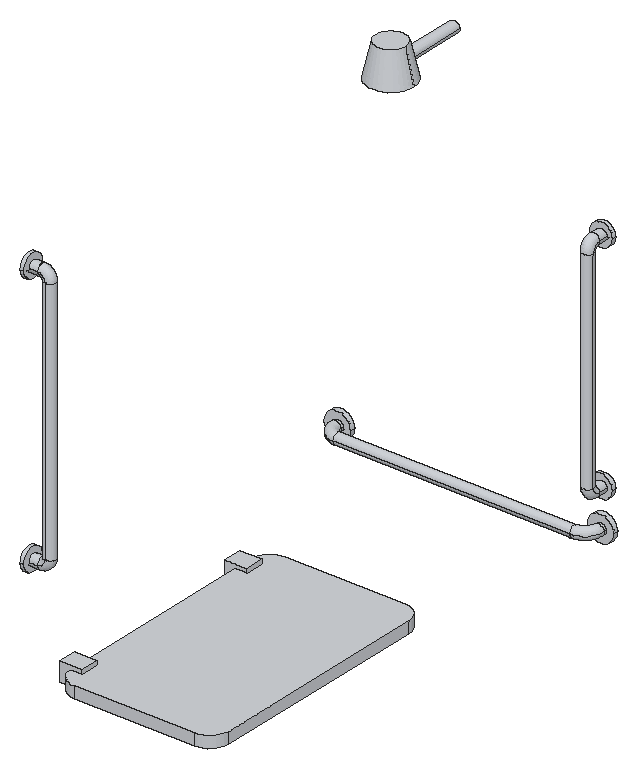
Revit family "CHUVEIRO PCD", category Plumbing Fixtures, Revit 2017
Family settings
  Round Connector Dimension = Use Diameter
  Part Type = Normal
  OmniClass Number = 23.40.20.14.17
  OmniClass Title = Residential Tables and Cabinets
  Work Plane-Based = No
  Always vertical = Yes
  Cut with Voids When Loaded = No
  Shared = Yes
  Room Calculation Point = No
Parameters
  Versão família = "01"  # constant formula
  Data Versão Família = "14/05/2018"  # constant formula
  ALTURA DO PISO [instance] = 180.00 cm
Reference planes (cm)
  plane 1: y = 15.24
  plane 2: z = 0
  plane 3 "Left": x = 0.3734
  plane 4: z = 180
  plane 5: z = 186
  plane 6: z = 177
  plane 7: x = -44.6266
Forms (cm)
  Sweep 1, solid
    path origin (-75.8266, 15.24, 180) x (0, 1, 0) y (-1, 0, 0)
      loop
        line (0, -76.2) -> (-17, -76.2)
    profile origin (0.3734, 6.74, 180) x (1, 0, 0) y (0, 0, 1)
      loop
        circle (0, 0) r 1.5
  Blend 2, solid
    base sketch origin (0, 0, 175) x (1, 0, 0) y (0, 1, 0)
      loop
        circle (0.3734, -5.76) r 6
    top sketch origin (0, 0, 0) x (1, 0, 0) y (0, 1, 0)
      loop
        circle (0.3734, -5.76) r 4
    from 2 to 186
Lines and regions (cm)
  symbolic lines, style "InvisibleLines"
    curve 1: line (0.3734, 15.24, 186) -> (0.3734, 15.24, 0)
Dimensions and locks (cm)
  "ALTURA DO PISO": plane 4 to level
  locked: plane 5 to plane 6 at 9
  locked: plane 5 to plane 4 at 6
  plane 7 to nested 4 = 85.00 cm
  nested 3 to plane 1 = 85.00 cm
  aligned and locked: plane 2 to level
  aligned and locked: plane 5 to Blend 2
  aligned and locked: Blend 2 to plane 6
Automatic sketch dimensions
  Sweep 1 sketch curve to plane 3 "Left" = 0.00 cm
  plane 1 to Sweep 1 sketch curve = 0.00 cm
  Sweep 1 sketch curve to Sweep 1 sketch curve = 17.00 cm
  curve 1 to level = 0.00 cm
  curve 1 to plane 3 "Left" = 0.00 cm
  curve 1 to plane 5 = 0.00 cm
Nested families (cm)
  nested 1: "BANCO_PCD" at (-35.8666, -29.3866, 0) x (0, -1, 0) z (0, 0, 1), type "200x60cm"
  nested 2: "BARRA_HORIZONTAL" at (5.3734, 15.24, 0), type "80cm"
    with Profundidade 4.00 cm, Comprimento 70.00 cm, ALTURA DO PISO 75.00 cm
  nested 3: "BARRA_VERTICAL" at (-44.6266, -69.76, 0) x (0, 1, 0) z (0, 0, 1), type "50cm"
    with DISTÂNCIA DA PAREDE 5.50 cm, ALTURA DO PISO 75.00 cm, ALTURA 70.00 cm
  nested 4: "BARRA_VERTICAL" at (40.3734, 15.24, 0), type "50cm"
    with DISTÂNCIA DA PAREDE 5.50 cm, ALTURA DO PISO 85.00 cm, ALTURA 60.00 cm
Definition of nested family "BANCO_PCD"
  Parameters (values of type "200x60cm")
    Versão família = "01"  # constant formula
    LARGURA = 60.00 cm
    Data Versão Família = "19/04/2018"  # constant formula
    COMPRIMENTO = 200.00 cm
    ALTURA DO PISO = 90.00 cm
  Reference planes (cm)
    plane 1: y = 15.24
    plane 2: z = 0
    plane 3 "Left": x = 0.3734
  Forms (cm)
    Extrusion 1, solid
      sketch origin (-24.7832, 11.0962, 0) x (1, 0, 0) y (0, 1, 0)
        loop
          line (-9.8434, 20.1438) -> (-9.8434, -11.8562)
          arc (-9.8434, -11.8562) -> (-8.3789, -15.3917) -> (-4.8434, -16.8562) r 5
          line (-4.8434, -16.8562) -> (55.1566, -16.8562)
          arc (55.1566, -16.8562) -> (58.6921, -15.3917) -> (60.1566, -11.8562) r 5
          line (60.1566, -11.8562) -> (60.1566, 20.1438)
          arc (60.1566, 20.1438) -> (58.6921, 23.6794) -> (55.1566, 25.1438) r 5
          line (55.1566, 25.1438) -> (-4.8434, 25.1438)
          arc (-4.8434, 25.1438) -> (-8.3789, 23.6794) -> (-9.8434, 20.1438) r 5
      from 42 to 45
    Extrusion 2, solid
      sketch origin (0, 0, 0) x (1, 0, 0) y (0, 1, 0)
        loop
          line (-29.6266, -2.76) -> (-29.6266, -8.76) -> (-24.6266, -8.76) -> (-24.6266, -2.76) -> (-29.6266, -2.76)
        loop
          line (25.3734, -2.76) -> (25.3734, -8.76) -> (30.3734, -8.76) -> (30.3734, -2.76) -> (25.3734, -2.76)
      from 41 to 46
  Dimensions and locks (cm)
    locked: Extrusion 1 to level at 45
    aligned and locked: plane 2 to level
Definition of nested family "BARRA_HORIZONTAL"
  Parameters (values of type "80cm")
    X = RAIO_C + 2.00 cm  # 3.50 cm
    Versão família = "02"  # constant formula
    RAIO_C = 1.50 cm
    Profundidade [instance] = 4.00 cm
    Diâmetro = RAIO_C * 2  # 3.00 cm
    Description = "BARRA DE APOIO FIXA PARA PORTADORES DE NECESSIDADES ESPECIAIS (ACO INOX/ RETILINEA/ 1 1/4\"X80,0 CM)"
    Data Versão Família = "11/05/2018"  # constant formula
    Comprimento [instance] = 80.00 cm
    CODIGO_TIPO = "XX"
    ALTURA DO PISO [instance] = 80.00 cm
  Reference planes (cm)
    plane 1 "Center (Front/Back)": y = 0
    plane 2 "Altura": z = 80
    plane 3 "Center (Left/Right)": x = 0
    plane 4: y = 5.5
    plane 5: x = -40
    plane 6: x = 40
    plane 7: y = 7
    plane 8: y = 4
    plane 9: x = 38.5
    plane 10: x = 41.5
    plane 11: x = -38.5
    plane 12: x = -41.5
    plane 13: z = 81.5
    plane 14: z = 78.5
  Forms (cm)
    Sweep 1, solid
      path origin (0, 0, 80) x (1, 0, 0) y (0, 1, 0)
        loop
          line (40, 0) -> (40, 2)
          arc (40, 2) -> (38.9749, 4.4749) -> (36.5, 5.5) r 3.5
          line (36.5, 5.5) -> (-36.5, 5.5)
          arc (-36.5, 5.5) -> (-38.9749, 4.4749) -> (-40, 2) r 3.5
          line (-40, 2) -> (-40, 0)
      profile origin (-40, 1, 80) x (1, 0, 0) y (0, 0, 1)
        loop
          circle (0, 0) r 1.5
    Extrusion 2, solid
      sketch origin (0, 0, 81.6039) x (1, 0, 0) y (0, 0, 1)
        loop
          circle (-40, -1.6039) r 1.5
        loop
          circle (-40, -1.6039) r 3.5
        loop
          circle (40, -1.6039) r 0.1782
        loop
          circle (40, -1.6039) r 3.5
      from -1.2404 to 0
  Dimensions and locks (cm)
    "Profundidade": plane 8 to plane 1 "Center (Front/Back)"
    "Comprimento": plane 5 to plane 6
    equal spacing: plane 5, plane 3 "Center (Left/Right)", plane 6
    locked: Extrusion 2 to Extrusion 2 at 1.2404
    equal spacing: plane 7, plane 4, plane 8
    "Diâmetro": plane 7 to plane 8
    equal spacing: plane 9, plane 6, plane 10
    equal spacing: plane 12, plane 5, plane 11
    "Diâmetro": plane 12 to plane 11
    "Diâmetro": plane 9 to plane 10
    plane 13 to level = 81.50 cm
    plane 6 to plane 5 = 80.00 cm
    plane 1 "Center (Front/Back)" to plane 4 = 5.50 cm
    equal spacing: plane 13, plane 2 "Altura", plane 14
    "Diâmetro": plane 13 to plane 14
    "ALTURA DO PISO": level to plane 2 "Altura"
    "X": radius of Extrusion 2 sketch curve  (x2)
    "RAIO_C": radius of Sweep 1 sketch curve
    "X": radius of Sweep 1 sketch curve  (x2)
    aligned and locked: plane 1 "Center (Front/Back)" to Sweep 1 sketch curve  (x2)
    aligned and locked: Sweep 1 sketch curve to plane 6
    aligned and locked: Sweep 1 sketch curve to plane 4
    aligned and locked: Sweep 1 sketch curve to plane 5
    aligned and locked: plane 1 "Center (Front/Back)" to Extrusion 2
    aligned and locked: plane 2 "Altura" to Extrusion 2
  Automatic sketch dimensions
    Sweep 1 sketch curve to plane 2 "Altura" = 0.00 cm
    profile plane to Sweep 1 sketch curve = 0.00 cm
    Extrusion 2 sketch curve to Extrusion 2 sketch curve = 0.00 cm  (x24)
    Extrusion 2 sketch curve to plane 2 "Altura" = 0.00 cm  (x2)
    Extrusion 2 sketch curve to plane 12 = 0.00 cm
    Extrusion 2 sketch curve to plane 5 = 0.00 cm
    Extrusion 2 sketch curve to plane 6 = 0.00 cm
    Extrusion 2 sketch curve to plane 6 = 0.1782 cm
Definition of nested family "BARRA_VERTICAL"
  Parameters (values of type "50cm")
    Versão família = "02"  # constant formula
    RAIO = 3.00 cm
    DIÂMETRO = 6.00 cm
    DISTÂNCIA DA PAREDE [instance] = 5.50 cm
    ALTURA DO PISO [instance] = 100.00 cm
    Data Versão Família = "11/05/2018"  # constant formula
    ALTURA [instance] = 50.00 cm
  Reference planes (cm)
    plane 1 "Center (Front/Back)": y = 0
    plane 2: z = 0
    plane 3 "Center (Left/Right)": x = 0
    plane 4: z = 153
    plane 5: z = 147
    plane 6: z = 97
    plane 7: z = 103
    plane 8: z = 150
    plane 9: z = 100
  Forms (cm)
    Extrusion 1, solid
      sketch origin (0, 0, 166) x (1, 0, 0) y (0, 0, 1)
        loop
          circle (0, -16) r 1.5
        loop
          circle (0, -16) r 3
      from 0 to 1
    Sweep 2, solid
      path origin (0, 0, 166) x (0, 1, 0) y (0, 0, 1)
        loop
          line (0, -16) -> (-3.5, -16)
          arc (-3.5, -16) -> (-4.9142, -16.5858) -> (-5.5, -18) r 2
          line (-5.5, -18) -> (-5.5, -64)
          arc (-5.5, -64) -> (-4.9142, -65.4142) -> (-3.5, -66) r 2
          line (-3.5, -66) -> (0, -66)
      profile origin (0, -1.75, 150) x (0, 0, -1) y (1, 0, 0)
        loop
          circle (0, 0) r 1.5
    Extrusion 3, solid
      sketch origin (0, 0, 166) x (1, 0, 0) y (0, 0, 1)
        loop
          circle (0, -66) r 1.5
        loop
          circle (0, -66) r 3
      from 0 to 1
  Lines and regions (cm)
    reference lines
      curve 1: line (1.5, 0, 291.9011) -> (1.5, 0, 81.9)
      curve 2: line (-1.5, 0, 81.9) -> (-1.5, 0, 291.9011)
  Dimensions and locks (cm)
    "ALTURA": plane 8 to plane 9
    "RAIO": plane 4 to plane 8
    "RAIO": plane 8 to plane 5
    "RAIO": plane 7 to plane 9
    "RAIO": plane 9 to plane 6
    "ALTURA DO PISO": level to plane 9
    "DISTÂNCIA DA PAREDE": curve 2 to Sweep 2 sketch curve
    aligned and locked: level to plane 2
  Automatic sketch dimensions
    curve 2 to plane 3 "Center (Left/Right)" = 1.50 cm
    plane 3 "Center (Left/Right)" to curve 1 = 1.50 cm
    plane 6 to curve 1 = 15.10 cm
    curve 2 to curve 1 = 0.00 cm
    plane 4 to curve 2 = 138.9011 cm
    curve 1 to curve 2 = 0.00 cm
    Extrusion 1 sketch curve to Extrusion 1 sketch curve = 0.00 cm  (x2)
    Extrusion 1 sketch curve to plane 3 "Center (Left/Right)" = 0.00 cm
    Extrusion 1 sketch curve to plane 8 = 0.00 cm
    Sweep 2 sketch curve to Sweep 2 sketch curve = 0.00 cm  (x2)
    Sweep 2 sketch curve to profile plane = 0.00 cm
    Sweep 2 sketch curve to plane 3 "Center (Left/Right)" = 0.00 cm
    Sweep 2 sketch curve to plane 3 "Center (Left/Right)" = 1.50 cm
    Extrusion 3 sketch curve to Extrusion 3 sketch curve = 0.00 cm  (x2)
    Extrusion 3 sketch curve to plane 3 "Center (Left/Right)" = 0.00 cm
    Extrusion 3 sketch curve to plane 9 = 0.00 cm
    plane 9 to Sweep 2 sketch curve = 0.00 cm
    Sweep 2 sketch curve to plane 8 = 0.00 cm
    Sweep 2 sketch curve to plane 1 "Center (Front/Back)" = 0.00 cm  (x2)
    Sweep 2 sketch curve to Sweep 2 sketch curve = 2.00 cm
    plane 5 to Sweep 2 sketch curve = 1.00 cm
    radius of Extrusion 1 sketch curve = 1.50 cm
    radius of Extrusion 1 sketch curve = 3.00 cm
    radius of Extrusion 3 sketch curve = 1.50 cm
    radius of Extrusion 3 sketch curve = 3.00 cm
